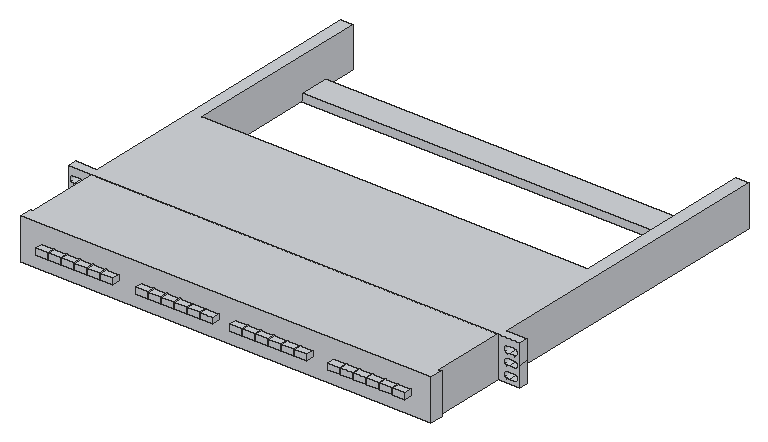
Revit family
Parameters
  Material ID = "760038513"
  Description = "iPatch® LazrSPEED® Pre-Terminated Intelligent Fiber Shelf, SC 12 port duplex"
Reference planes (in)
  plane 1 "Center (Front/Back)": y = 0
  plane 2: z = 0
  plane 3 "Center (Left/Right)": x = 0
Forms (in)
  Extrusion 1, solid
    sketch origin (0, 0, 0) x (1, 0, 0) y (0, 0, 1)
      loop
        line (-9.5, 0.86) -> (-9.5, 0) -> (-9.5, -0.86) -> (9.5, -0.86) -> (9.5, 0) -> (9.5, 0.86) -> (-9.5, 0.86)
    from 9.0351 to 14.305
  Extrusion 2, void
    sketch origin (0, 0, 0) x (1, 0, 0) y (0, 0, 1)
      loop
        line (8.121, 0.86) -> (8.121, -0.86) -> (11.47298, -0.86) -> (11.47298, 0.86) -> (8.121, 0.86)
      loop
        line (-11.48018, 0.86) -> (-11.48018, -0.86) -> (-8.121, -0.86) -> (-8.121, 0.86) -> (-11.48018, 0.86)
    from 0 to 13.93651
  Extrusion 3, void
    sketch origin (0, 0, 0) x (1, 0, 0) y (0, 0, 1)
      loop
        line (9.26111, 0.5628) -> (9.01111, 0.5628)
        arc (9.01111, 0.5628) -> (8.86111, 0.4128) -> (9.01111, 0.2628) r 0.15
        line (9.01111, 0.2628) -> (9.26111, 0.2628)
        arc (9.26111, 0.2628) -> (9.41111, 0.4128) -> (9.26111, 0.5628) r 0.15
      loop
        line (9.26111, 0.10167) -> (9.01111, 0.10167)
        arc (9.01111, 0.10167) -> (8.86111, -0.04833) -> (9.01111, -0.19833) r 0.15
        line (9.01111, -0.19833) -> (9.26111, -0.19833)
        arc (9.26111, -0.19833) -> (9.41111, -0.04833) -> (9.26111, 0.10167) r 0.15
      loop
        line (9.26111, -0.39833) -> (9.01111, -0.39833)
        arc (9.01111, -0.39833) -> (8.86111, -0.54833) -> (9.01111, -0.69833) r 0.15
        line (9.01111, -0.69833) -> (9.26111, -0.69833)
        arc (9.26111, -0.69833) -> (9.41111, -0.54833) -> (9.26111, -0.39833) r 0.15
      loop
        arc (-9.26111, 0.5628) -> (-9.41111, 0.4128) -> (-9.26111, 0.2628) r 0.15
        line (-9.26111, 0.2628) -> (-9.01111, 0.2628)
        arc (-9.01111, 0.2628) -> (-8.86111, 0.4128) -> (-9.01111, 0.5628) r 0.15
        line (-9.01111, 0.5628) -> (-9.26111, 0.5628)
      loop
        arc (-9.26111, 0.10167) -> (-9.41111, -0.04833) -> (-9.26111, -0.19833) r 0.15
        line (-9.26111, -0.19833) -> (-9.01111, -0.19833)
        arc (-9.01111, -0.19833) -> (-8.86111, -0.04833) -> (-9.01111, 0.10167) r 0.15
        line (-9.01111, 0.10167) -> (-9.26111, 0.10167)
      loop
        arc (-9.26111, -0.39833) -> (-9.41111, -0.54833) -> (-9.26111, -0.69833) r 0.15
        line (-9.26111, -0.69833) -> (-9.01111, -0.69833)
        arc (-9.01111, -0.69833) -> (-8.86111, -0.54833) -> (-9.01111, -0.39833) r 0.15
        line (-9.01111, -0.39833) -> (-9.26111, -0.39833)
    from 0 to 15.94904
  Extrusion 4, solid
    sketch origin (0, 0, 0) x (1, 0, 0) y (0, 1, 0)
      loop
        line (8.66312, -13.93651) -> (8.66312, -1.26387) -> (8.121, -1.26387) -> (8.121, -13.93651) -> (8.66312, -13.93651)
      loop
        line (-8.116, -13.93651) -> (-8.116, -1.09542) -> (-8.616, -1.09542) -> (-8.616, -13.93651) -> (-8.116, -13.93651)
    from -0.86 to 0.86
  Extrusion 5, solid
    sketch origin (0, 0, 0) x (1, 0, 0) y (0, 1, 0)
      loop
        line (8.16312, -2.5351) -> (-8.116, -2.5351) -> (-8.116, -3.7851) -> (8.16312, -3.7851) -> (8.16312, -2.5351)
    from -0.86 to -0.54894
  Extrusion 6, solid, not visible
    sketch origin (0, -14.305, 0) x (1, 0, 0) y (0, 0, 1)
      loop
        line (-8.5516, 0.86) -> (-8.5516, 0.46) -> (-7.9516, 0.46) -> (-7.9516, 0.86) -> (-8.5516, 0.86)
    from 0 to 0.77696
  Extrusion 7, solid
    sketch origin (0, -14.305, 0) x (1, 0, 0) y (0, 0, 1)
      loop
        line (-8.616, 0.86) -> (-8.616, -0.86) -> (8.66312, -0.86) -> (8.66312, 0.86) -> (-8.616, 0.86)
    from 0 to 3.63
  Extrusion 8, void
    sketch origin (-8.616, -14.305, 0.86) x (0, 1, 0) y (1, 0, 0)
      loop
        line (-3.08, 17.27912) -> (-3.08, 17.17912) -> (0, 17.17912) -> (0, 17.27912) -> (-3.08, 17.27912)
      loop
        line (0, 0.1) -> (-3.08, 0.1) -> (-3.08, 0) -> (0, 0) -> (0, 0.1)
    from 0 to 12
  Extrusion 9, solid
    sketch origin (0, -17.935, 0) x (1, 0, 0) y (0, 0, 1)
      loop
        line (-7.69782, 0.11361) -> (-7.69782, -0.13639) -> (-7.19782, -0.13639) -> (-7.19782, 0.11361) -> (-7.69782, 0.11361)
      loop
        line (-7.15947, 0.11361) -> (-7.15947, -0.13639) -> (-6.65947, -0.13639) -> (-6.65947, 0.11361) -> (-7.15947, 0.11361)
      loop
        line (-6.61947, 0.11361) -> (-6.61947, -0.13639) -> (-6.11947, -0.13639) -> (-6.11947, 0.11361) -> (-6.61947, 0.11361)
      loop
        line (-6.06719, 0.11361) -> (-6.06719, -0.13639) -> (-5.56719, -0.13639) -> (-5.56719, 0.11361) -> (-6.06719, 0.11361)
      loop
        line (-5.5305, 0.11361) -> (-5.5305, -0.13639) -> (-5.0305, -0.13639) -> (-5.0305, 0.11361) -> (-5.5305, 0.11361)
      loop
        line (-4.97822, 0.11361) -> (-4.97822, -0.13639) -> (-4.47822, -0.13639) -> (-4.47822, 0.11361) -> (-4.97822, 0.11361)
      loop
        line (-3.49818, 0.11361) -> (-3.49818, -0.13639) -> (-2.99818, -0.13639) -> (-2.99818, 0.11361) -> (-3.49818, 0.11361)
      loop
        line (-2.95983, 0.11361) -> (-2.95983, -0.13639) -> (-2.45983, -0.13639) -> (-2.45983, 0.11361) -> (-2.95983, 0.11361)
      loop
        line (-2.41983, 0.11361) -> (-2.41983, -0.13639) -> (-1.91983, -0.13639) -> (-1.91983, 0.11361) -> (-2.41983, 0.11361)
      loop
        line (-1.86755, 0.11361) -> (-1.86755, -0.13639) -> (-1.36755, -0.13639) -> (-1.36755, 0.11361) -> (-1.86755, 0.11361)
      loop
        line (-1.33086, 0.11361) -> (-1.33086, -0.13639) -> (-0.83086, -0.13639) -> (-0.83086, 0.11361) -> (-1.33086, 0.11361)
      loop
        line (-0.77858, 0.11361) -> (-0.77858, -0.13639) -> (-0.27858, -0.13639) -> (-0.27858, 0.11361) -> (-0.77858, 0.11361)
      loop
        line (0.45702, 0.11361) -> (0.45702, -0.13639) -> (0.95702, -0.13639) -> (0.95702, 0.11361) -> (0.45702, 0.11361)
      loop
        line (0.99537, 0.11361) -> (0.99537, -0.13639) -> (1.49537, -0.13639) -> (1.49537, 0.11361) -> (0.99537, 0.11361)
      loop
        line (1.53537, 0.11361) -> (1.53537, -0.13639) -> (2.03537, -0.13639) -> (2.03537, 0.11361) -> (1.53537, 0.11361)
      loop
        line (2.08765, 0.11361) -> (2.08765, -0.13639) -> (2.58765, -0.13639) -> (2.58765, 0.11361) -> (2.08765, 0.11361)
      loop
        line (2.62434, 0.11361) -> (2.62434, -0.13639) -> (3.12434, -0.13639) -> (3.12434, 0.11361) -> (2.62434, 0.11361)
      loop
        line (3.17662, 0.11361) -> (3.17662, -0.13639) -> (3.67662, -0.13639) -> (3.67662, 0.11361) -> (3.17662, 0.11361)
      loop
        line (4.59152, 0.11361) -> (4.59152, -0.13639) -> (5.09152, -0.13639) -> (5.09152, 0.11361) -> (4.59152, 0.11361)
      loop
        line (5.12987, 0.11361) -> (5.12987, -0.13639) -> (5.62987, -0.13639) -> (5.62987, 0.11361) -> (5.12987, 0.11361)
      loop
        line (5.66987, 0.11361) -> (5.66987, -0.13639) -> (6.16987, -0.13639) -> (6.16987, 0.11361) -> (5.66987, 0.11361)
      loop
        line (6.22215, 0.11361) -> (6.22215, -0.13639) -> (6.72215, -0.13639) -> (6.72215, 0.11361) -> (6.22215, 0.11361)
      loop
        line (6.75883, 0.11361) -> (6.75883, -0.13639) -> (7.25883, -0.13639) -> (7.25883, 0.11361) -> (6.75883, 0.11361)
      loop
        line (7.31112, 0.11361) -> (7.31112, -0.13639) -> (7.81112, -0.13639) -> (7.81112, 0.11361) -> (7.31112, 0.11361)
    from 0 to 0.32
Cuts and joins
  Extrusion 2, Extrusion 3, Extrusion 8 cuts Extrusion 1
  Extrusion 8 cuts Extrusion 4
  joined: Extrusion 1, Extrusion 4
  Extrusion 8 cuts Extrusion 7
